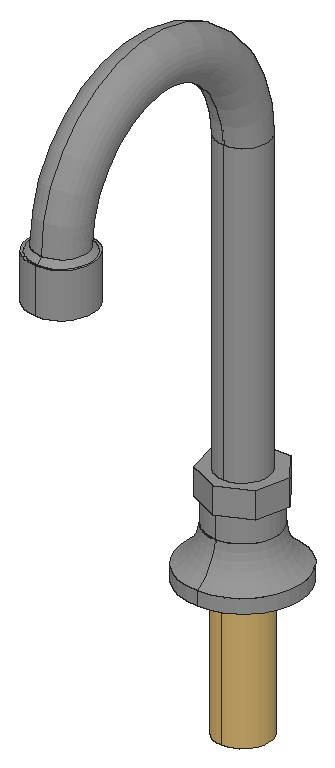
Revit family "Krowne_16-130L_DeckMount_Faucet", category Plumbing Fixtures, Revit 2018
Family settings
  Round Connector Dimension = Use Diameter
  Part Type = Normal
  OmniClass Number = 23.45.05.14
  OmniClass Title = Plumbing Fixtures - Sanitary Washing Units
  Work Plane-Based = No
  Always vertical = Yes
  Cut with Voids When Loaded = No
  Shared = No
  Room Calculation Point = No
Parameters
  Plumbing Remarks = ""
  Plumbing Connection Type = ""
  Model = "16-130L"
  Masterspec = ""
  Manufacturer = "Krowne Metal"
  Item Number = ""
  Inlet = 1/2"
  Hot Water Temperature = 100 °F
  Hot Water Size = 1/2"
  Hot Water RI Height = 0"
  Hot Water Flow = 0.5 GPM
  Hot Water Connection Height = 0"
  Description = "Single Hole Deck Mount Faucet with 3-1/2” Gooseneck Spout"
  Cold Water Size = 1/2"
  Cold Water RI Height = 0"
  Cold Water Flow = 0.5 GPM
  Cold Water Connection Height = 0"
  Assembly Code = "D2010400"
Reference planes (in)
  plane 1 "Center (Front/Back)": y = 0.31693
  plane 2: z = 0
  plane 3 "Center (Left/Right)": x = 0
  plane 4: x = -3.375
  plane 5: x = 3.375
  plane 6: y = 2.06693
  plane 7: z = 5.375
  plane 8: z = 6.94331
  plane 9: y = 1.19193
  plane 10: y = -2.30807
  plane 11: x = -0.48619
  plane 12: x = 0.48619
  plane 13: x = 0.37508
  plane 14: x = -0.37508
Forms (in)
  Revolve 1, solid, material "QF_Steel-Chrome-Polished"
    sketch origin (0, 0, 0) x (0, 1, 0) y (0, 0, 1)
      loop
        line (1.19193, 0.76714) -> (0.66362, 0.76714)
        arc (0.66362, 0.76714) -> (0.56475, 0.44337) -> (0.31693, 0.21275) r 0.65231
        line (0.31693, 0.21275) -> (0.31693, 0) -> (1.19193, 0) -> (1.19193, 0.76714)
      axis (1.19193, 0.76714) -> (1.19193, 0)
    angle from 0 to 360
  Sweep 2, solid, material "QF_Steel-Chrome-Polished"
    path origin (0, 0, 0) x (0, 1, 0) y (0, 0, 1)
      loop
        line (1.19193, 1.52691) -> (1.19193, 6.14867)
        arc (1.19193, 6.14867) -> (-0.55807, 7.89867) -> (-2.30807, 6.14867) r 1.75
    profile origin (0, 1.19193, 3.83779) x (0, -1, 0) y (1, 0, 0)
      loop
        circle (0, 0) r 0.375
  Revolve 3, solid, material "QF_Steel-Chrome-Polished"
    sketch origin (0, 1, 0.52461) x (0, 1, 0) y (0, 0, 1)
      loop
        line (-2.93276, 5.62406) -> (-3.30807, 5.62406) -> (-3.30807, 4.85039) -> (-2.8142, 4.85039) -> (-2.8142, 5.54206) -> (-2.85076, 5.54206) -> (-2.93276, 5.62406)
      axis (-3.30807, 5.62406) -> (-3.30807, 4.85039)
    angle from 0 to 360
  Revolve 4, solid, material "QF_Brass-Satin"
    sketch origin (0, -1.9685, 0) x (0, 1, 0) y (0, 0, 1)
      loop
        line (3.16043, -2.12181) -> (3.56315, -2.12181) -> (3.56315, 0) -> (3.16043, 0) -> (3.16043, -2.12181)
      axis (3.16043, 0) -> (3.16043, -2.12181)
    angle from 0 to 360
  Extrusion 5, solid, material "QF_Steel-Chrome-Polished"
    sketch origin (0, 0.03371, 1.0029) x (1, 0, 0) y (0, 1, 0)
      loop
        line (-0.26533, 1.74289) -> (-0.59619, 1.328) -> (-0.4781, 0.81065) -> (0, 0.58041) -> (0.4781, 0.81065) -> (0.59619, 1.328) -> (0.26533, 1.74289) -> (-0.26533, 1.74289)
    from 0.124 to 0.524
  Revolve 6, solid, material "QF_Steel-Chrome-Polished"
    sketch origin (0, 0, 0.20786) x (0, 1, 0) y (0, 0, 1)
      loop
        line (1.19193, 0.91905) -> (0.67143, 0.91905) -> (0.67143, 0.55929) -> (1.19193, 0.55929) -> (1.19193, 0.91905)
      axis (1.19193, 0.91905) -> (1.19193, 0.55929)
    angle from 0 to 360
Lines and regions (in)
  symbolic lines
    curve 1: arc (0, 2.06693, 0) -> (0.85362, 1.38417, 0) -> (0.37508, 0.4014, 0) r 0.875
    curve 2: line (0.29543, 1.8391, 0) -> (-0.29543, 1.8391, 0)
    curve 3: line (0.66382, 1.37716, 0) -> (0.29543, 1.8391, 0)
    curve 4: line (0.53234, 0.80112, 0) -> (0.66382, 1.37716, 0)
    curve 5: line (0.37508, 0.72539, 0) -> (0.53234, 0.80112, 0)
    curve 6: line (-0.53234, 0.80112, 0) -> (-0.375, 0.72535, 0)
    curve 7: line (-0.66382, 1.37716, 0) -> (-0.53234, 0.80112, 0)
    curve 8: line (-0.29543, 1.8391, 0) -> (-0.66382, 1.37716, 0)
    curve 9: arc (-0.375, 0.40136, 0) -> (-0.85363, 1.38412, 0) -> (0, 2.06693, 0) r 0.875
    curve 10: arc (-0.375, 1.19193, 0) -> (0.00004, 1.56697, 0) -> (0.37508, 1.19193, 0) r 0.37504
    curve 11: line (0.37508, 1.19193, 0) -> (0.37508, -2.30088, 0)
    curve 12: line (-0.375, 1.19193, 0) -> (-0.375, -2.30088, 0)
    curve 13: arc (0.37508, -2.30088, 0) -> (0.00004, -2.67592, 0) -> (-0.375, -2.30088, 0) r 0.37504
    curve 14: arc (-0.375, -1.98232, 0) -> (0.00004, -2.8019, 0) -> (0.37508, -1.98232, 0) r 0.4956
Dimensions and locks (in)
  plane 7 to level = 5 3/8"
  plane 9 to plane 10 = 3 1/2"
  plane 6 to plane 1 "Center (Front/Back)" = 1 3/4"
  plane 1 "Center (Front/Back)" to plane 6 = 1 3/4"
  aligned and locked: level to plane 2
Connectors (in)
  piping at (0, 1.19193, -2.12181), diameter 0.5, driven by "Inlet", driven by "Cold Water Flow"
    settings: on Revolve 4, index 1, connector inside diameter 24", connector length 0", flow factor 0, pipe flow 0.5 GPM, pressure drop 0.00 psi, fitting loss kfactor 0, connector angle 0.00°, fixture units 0, engagement length 0", angle of deflection 0.00°, flow configuration 0, flow direction 1, fitting loss method 0, system type 20, joint type 0, gender type 0, connector reference index -1, connector utility 0, adjustable connector no, is connector primary yes, connector description ""
